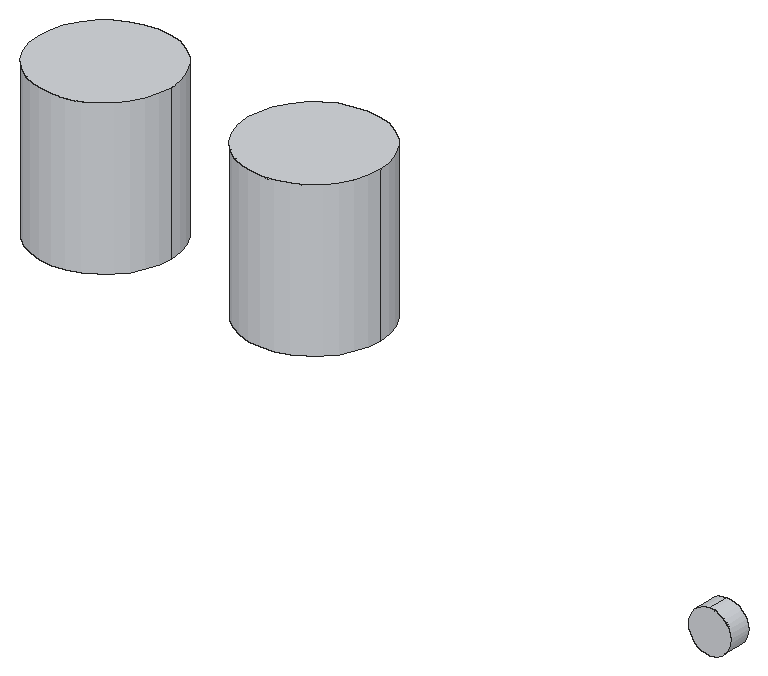
Revit family "M7_001_BIM", category HLS-Bauteile, Revit 2018
Family settings
  Bemaßung runder Anschluss = Durchmesser verwenden
  Klassifizierung = Keine
  Teiletyp = Normal
  OmniClass-Nummer = 23.65.35.11.14
  OmniClass-Titel = Instantaneous Water Heaters
  Arbeitsebenenbasiert = Nein
  Immer vertikal = Ja
  Beim Laden mit Abzugskörper schneiden = Nein
  Gemeinsam genutzt = Nein
  Raumberechnungspunkt = Nein
Parameters (values of type "Norm")
  Verbindung_2_Durchmesser = 0 mm
  Verbindung_1_Durchmesser = 0 mm
  URL = "https://www.clage.de/de/Produkte/E-Kleindurchlauferhitzer/MBH"
  Modell = "MBH"
  Hersteller = "Clage GmbH"
  Beschreibung = "E-Kleindurchlauferhitzer"
Reference planes
  plane 1 "Mitte (Vorne/Hinten)": y = 0
  plane 2: z = 0
  plane 3 "Mitte (Links/Rechts)": x = 0
Forms (mm)
  Extrusion 1, solid
    sketch origin (-15, -7.5, 86.997) x (1, 0, 0) y (0, 1, 0)
      loop
        circle (0, 0) r 9.525
    from 0 to -22.053
  Extrusion 2, solid
    sketch origin (15, -7.5, 86.997) x (1, 0, 0) y (0, 1, 0)
      loop
        circle (0, 0) r 9.525
    from 0 to -22.053
  Extrusion 3, solid
    sketch origin (63.017, 6.6, 36.189) x (0, 0, 1) y (1, 0, 0)
      loop
        circle (0, 0) r 3.048
    from 0 to -3.048
Dimensions and locks
  aligned and locked: level to plane 2
Connectors
  piping at (-15, -7.5, 86.997), diameter 9.5
    settings: on Extrusion 1, index 1, connector inside diameter 609.6 mm, connector length 0 mm, flow factor 0, pipe flow 3.7 L/s, pressure drop 134000.0 Pa, fitting loss kfactor 0, connector angle 0.00°, fixture units 0, engagement length 0 mm, angle of deflection 0.00°, flow configuration 1, flow direction 1, fitting loss method 4, system type 20, joint type 0, gender type 0, connector reference index -1, connector utility 0, adjustable connector no, is connector primary yes, connector description ""
  piping at (15, -7.5, 86.997), diameter 9.5
    settings: on Extrusion 2, index 2, connector inside diameter 609.6 mm, connector length 0 mm, flow factor 0, pipe flow 3.7 L/s, pressure drop 134000.0 Pa, fitting loss kfactor 0, connector angle 0.00°, fixture units 0, engagement length 0 mm, angle of deflection 0.00°, flow configuration 1, flow direction 2, fitting loss method 4, system type 19, joint type 0, gender type 0, connector reference index -1, connector utility 0, adjustable connector no, is connector primary no, connector description ""
  electrical at (63.017, 6.6, 36.189)
    settings: on Extrusion 3, index 3, voltage 400 V, apparent load 0 VA, apparent load phase1 0 VA, apparent load phase2 0 VA, apparent load phase3 0 VA, power factor 0, load classification "Sonstige", number of poles 2, system type 30, power factor state 1, is connector primary yes, connector utility no, sub classification motor no, connector description ""
